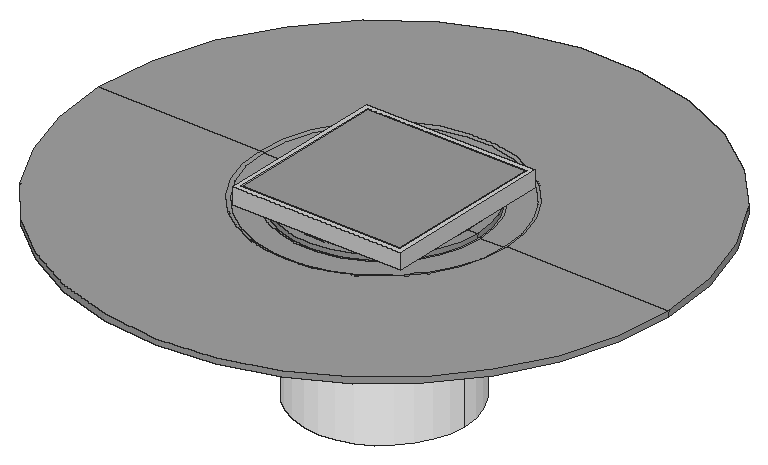
Revit family "HL_RU_Floor drain_HL72.1HN-A-160411", category Instalační zařizovací předměty, Revit 2021
Family settings
  Kóta kulaté spojky = Použít průměr
  Typ dílu = Normální
  Číslo OmniClass = 23.70.50.21.24.14
  Nadpis OmniClass = Deck Waste Water Drains
  Založené na pracovní rovině = Ne
  Vždy vertikální = Ano
  Ořezat dutým tvarem při načtení = Ne
  Sdílené = Ano
  Bod výpočtu místnosti = Ano
Parameters (values of type "HL72.1HN")
  РЕШЁТКА = "138x138mm / V2A"
  РАЗМЕР = "DN75/110"
  ПРОПУСКНАЯ СПОСОБНОСТЬ = 1.5 L/s
  ПРОИЗВОДИТЕЛЬНОСТЬ = "1,5 l/s"
  ПРИЁМНОЕ ОТВЕРСТИЕ = ""
  ПРАВОВАЯ ИНФОРМАЦИЯ = "Авторские права(©), права на дизайн или какие либо другие права интелектуальной собственности являются исключительной собственностью компании HL Hutterer & Lechner. Изменению не подлежит. Файл семейства с данными о прозводителе изделия защищен паролем с водяным знаком."  # constant formula
  НОРМЫ = ""
  НОМИНАЛЬНЫЙ ДИАМЕТР = 110 mm
  НАСАДКА = "20-70mm / 147x147mm / PP"
  МАТЕРИАЛ = "PP"
  МАКСИМАЛЬНАЯ НАГРУЗКА КЛАССА = "K3 - 300 kg"
  ВЫСОТА МОНТАЖА = "170mm"
  ВЕС = "2,20 [kg]"
  Výchozí výška = 0 mm
  Přípoj ventilace = no
  Výrobce = "HL Hutterer & Lechner GmbH"  # constant formula
  URL = "http://www.hutterer-lechner.com/ru/products/catalog/floor-drains/attachments/HL72.1hn.aspx"
  Přípoj odpadních dílů = yes
  Přípoj HW = no
  Popis = "Трапы для внутренних помещений"
  Model = "HL72.1HN"
  Komentáře k typům = "HL72.1HN Трап для внутренних помещений DN75/110 горизонтальный с битумным полотном, 147х147мм/138х138"
  Keynote = "HL72.1HN"
  Высота монтажа [instance] = 170 mm
  EAN = "9003076072118"
  E = НОМИНАЛЬНЫЙ ДИАМЕТР = 110 mm  # yes
  DN_test [instance] = if(or(НОМИНАЛЬНЫЙ ДИАМЕТР = 75 mm, НОМИНАЛЬНЫЙ ДИАМЕТР = 110 mm), 30 mm, 0 mm)  # 30 mm
  Přípoj CW = no
  C [instance] = if(НОМИНАЛЬНЫЙ ДИАМЕТР = 110 mm, 187 mm, 153.7 mm)  # 187 mm
  B [instance] = if(НОМИНАЛЬНЫЙ ДИАМЕТР = 110 mm, Высота монтажа - 66.1 mm, Высота монтажа - 72.1 mm)  # 103.9 mm
  A [instance] = if(B - 100 mm > 15 mm, B - 100 mm, 15 mm)  # 15 mm
Reference planes
  plane 1 "Center (Front/Back)": y = 0
  plane 2: z = 0
  plane 3 "Center (Left/Right)": x = 0
  plane 4 "Ball Joint Vertical": x = 25.45
  plane 5: z = -170
  plane 6: z = -103.9
Lines and regions (mm)
  model lines, style "InvisibleLines"
    curve 1: line (0, 0, 0) -> (0, 0, 1000)
  reference lines
    curve 2: line (0, 0, -103.9) -> (-187, 0, -103.9)
  model lines, detail levels coarse+medium
    curve 3: line (0, 0, -103.9) -> (0, 0, -88.9)
    curve 4: line (0, 0, -88.9) -> (88.9, 0, 0)
    curve 5: line (0, 0, -88.9) -> (-88.9, 0, 0)
    curve 22: line (0, 0, -103.9) -> (-187, 0, -103.9)
  symbolic lines, detail levels coarse+medium
    curve 6: line (-75, 75, 0) -> (75, 75, 0)
    curve 7: line (-75, -75, 0) -> (-75, 75, 0)
    curve 8: line (75, -75, 0) -> (-75, -75, 0)
    curve 9: line (75, 75, 0) -> (75, -75, 0)
    curve 10: line (75, 75, 0) -> (145.711, 145.711, 0)
    curve 11: line (75, -75, 0) -> (145.711, -145.711, 0)
    curve 12: line (-75, 75, 0) -> (-145.711, 145.711, 0)
    curve 13: line (-75, -75, 0) -> (-145.711, -145.711, 0)
  symbolic lines, not visible, detail levels coarse+medium
    curve 14: line (-75, 75, 0) -> (75, 75, 0)
    curve 15: line (-75, -75, 0) -> (-75, 75, 0)
    curve 16: line (75, -75, 0) -> (-75, -75, 0)
    curve 17: line (75, 75, 0) -> (75, -75, 0)
    curve 18: line (75, 75, 0) -> (145.711, 145.711, 0)
    curve 19: line (75, -75, 0) -> (145.711, -145.711, 0)
    curve 20: line (-75, 75, 0) -> (-145.711, 145.711, 0)
    curve 21: line (-75, -75, 0) -> (-145.711, -145.711, 0)
  symbolic lines
    curve 23: line (0, 0, 0) -> (0, 0, -30)
Text (mm)
  text "ПОЛ" at (-198.233, 0, -26.556), in view "Drain Construction View"
Dimensions and locks
  locked: plane 4 "Ball Joint Vertical" to plane 3 "Center (Left/Right)" at 25.45
  "Высота монтажа": plane 2 to plane 5
  "A": curve 5 to plane 6
  "B": curve 5 to plane 6
  "B": curve 4 to plane 6
  "B": plane 2 to plane 6
  "DN_test": curve 23 to curve 23
  "C": plane 3 "Center (Left/Right)" to curve 22
  "C": plane 3 "Center (Left/Right)" to curve 2
  locked: nested 4 to plane 5 at 149.004
  locked: plane 6 to nested 5 at 31.75
  locked: curve 4 to plane 3 "Center (Left/Right)" (angle 45.00°)
  locked: plane 3 "Center (Left/Right)" to curve 5 (angle 45.00°)
  aligned and locked: level to plane 2
  aligned and locked: plane 2 to curve 1
  aligned and locked: plane 3 "Center (Left/Right)" to curve 1
  aligned and locked: plane 3 "Center (Left/Right)" to curve 2
  aligned and locked: plane 3 "Center (Left/Right)" to curve 3
  aligned and locked: curve 3 to curve 2
  aligned and locked: plane 3 "Center (Left/Right)" to curve 5
  aligned and locked: nested 4 to nested 3
Automatic sketch dimensions
  level to curve 1 = 1000 mm
  curve 2 to plane 6 = 0 mm
Nested families
  nested 1: "HL_Решётка_HL0317.1E" at (0, 0, 0), type "HL0317.1E_Main Component"
  nested 2: "HL_Насадка_HL0317.2E" at (0, 0, 0), type "HL0317.2E_Main Component"
    with Высота монтажа 20 mm, ВМ_Тест yes, ВМ 40 mm
  nested 3: "HL_Песколовка_HL0317.5E" at (0, 0, -20.45), type "HL0317.5E_Main Component"
  nested 4: "HL_Корпус для трапа внутренних помещений_HL72.1KH" at (0, 0, -14.2), type "HL72.1KH_Main Component"
  nested 5: "HL_Уменьшение_HL0317.4E" at (-113, 0, -158.95) x (-1, 0, 0) z (0, 0, -1), visible <- "E", type "HL0317.4E_Main Component"
Connectors
  piping at (-187, 0, -103.9), diameter 110, driven by "ПРОПУСКНАЯ СПОСОБНОСТЬ", driven by "НОМИНАЛЬНЫЙ ДИАМЕТР"
    settings: on curve 2, index 1, connector inside diameter 609.6 mm, connector length 0 mm, flow factor 0, pipe flow 1.5 L/s, pressure drop 0.0 Pa, fitting loss kfactor 0, connector angle 0.00°, fixture units 0, engagement length 0 mm, angle of deflection 0.00°, flow configuration 1, flow direction 2, fitting loss method 0, system type 16, joint type 0, gender type 0, connector reference index -1, connector utility 0, adjustable connector yes, is connector primary yes, connector description ""
Definition of nested family "HL_Решётка_HL0317.1E"
  Parameters
    РАЗМЕР = "138x138 mm"
    ПРАВОВАЯ ИНФОРМАЦИЯ = "Авторские права(©), права на дизайн или какие либо другие права интелектуальной собственности являются исключительной собственностью компании HL Hutterer & Lechner. Изменению не подлежит. Файл семейства с данными о прозводителе изделия защищен паролем с водяным знаком."  # constant formula
    МАТЕРИАЛ = "V2A"
    МАКСИМАЛЬНАЯ НАГРУЗКА КЛАССА = "K3 - 300 kg"
    ВЕС = "0,20 [kg]"
    Waste Connection = yes
    Default Elevation = 0 mm
    Vent Connection = no
    Manufacturer = "HL Hutterer & Lechner GmbH"  # constant formula
    URL = "http://www.hutterer-lechner.com/ru/Products/catalog/floor-drains/attachments/HL0317.1E.aspx"
    HW Connection = no
    Description = "Трапы для внутренних помещений - Комплектующие"
    Model = "HL0317.1E"
    Type Comments = "HL0317.1E Решетка для сливных отверстий из высококачественной стали 138х138мм"
    Keynote = "HL0317.1E"
    EAN = "9003076317011"
    CW Connection = no
  Reference planes
    plane 1 "Center (Front/Back)": y = 0
    plane 2: z = 0
    plane 3 "Center (Left/Right)": x = 0
    plane 4 "Ball Joint Vertical": x = 25.45
  Forms (mm)
    Extrusion 1, solid, detail levels fine
      sketch origin (0, 0, 0) x (1, 0, 0) y (0, 1, 0)
        loop
          line (-69, 69) -> (-69, -69) -> (69, -69) -> (69, 69) -> (-69, 69)
      from 0 to -5
  Lines and regions (mm)
    model lines, detail levels fine
      curve 1: line (40.5, 59.75, 0) -> (-40.5, 59.75, 0)
      curve 2: line (-40.5, 52.25, 0) -> (40.5, 52.25, 0)
      curve 3: line (24.5, 43.75, 0) -> (-24.5, 43.75, 0)
      curve 4: line (-24.5, 36.25, 0) -> (24.5, 36.25, 0)
      curve 5: line (8.5, 27.75, 0) -> (-8.5, 27.75, 0)
      curve 6: line (-8.5, 20.25, 0) -> (8.5, 20.25, 0)
      curve 7: arc (-8.5, 27.75, 0) -> (-12.25, 24, 0) -> (-8.5, 20.25, 0) r 3.75
      curve 8: arc (8.5, 20.25, 0) -> (12.25, 24, 0) -> (8.5, 27.75, 0) r 3.75
      curve 9: arc (24.5, 36.25, 0) -> (28.25, 40, 0) -> (24.5, 43.75, 0) r 3.75
      curve 10: arc (40.5, 52.25, 0) -> (44.25, 56, 0) -> (40.5, 59.75, 0) r 3.75
      curve 11: arc (-40.5, 59.75, 0) -> (-44.25, 56, 0) -> (-40.5, 52.25, 0) r 3.75
      curve 12: arc (-24.5, 43.75, 0) -> (-28.25, 40, 0) -> (-24.5, 36.25, 0) r 3.75
      curve 13: line (-59.75, 40.5, 0) -> (-59.75, -40.5, 0)
      curve 14: line (-52.25, -40.5, 0) -> (-52.25, 40.5, 0)
      curve 15: line (-43.75, 24.5, 0) -> (-43.75, -24.5, 0)
      curve 16: line (-36.25, -24.5, 0) -> (-36.25, 24.5, 0)
      curve 17: line (-27.75, 8.5, 0) -> (-27.75, -8.5, 0)
      curve 18: line (-20.25, -8.5, 0) -> (-20.25, 8.5, 0)
      curve 19: arc (-20.25, 8.5, 0) -> (-24, 12.25, 0) -> (-27.75, 8.5, 0) r 3.75
      curve 20: arc (-27.75, -8.5, 0) -> (-24, -12.25, 0) -> (-20.25, -8.5, 0) r 3.75
      curve 21: arc (-43.75, -24.5, 0) -> (-40, -28.25, 0) -> (-36.25, -24.5, 0) r 3.75
      curve 22: arc (-36.25, 24.5, 0) -> (-40, 28.25, 0) -> (-43.75, 24.5, 0) r 3.75
      curve 23: arc (-52.25, 40.5, 0) -> (-56, 44.25, 0) -> (-59.75, 40.5, 0) r 3.75
      curve 24: arc (-59.75, -40.5, 0) -> (-56, -44.25, 0) -> (-52.25, -40.5, 0) r 3.75
      curve 25: line (8.5, -20.25, 0) -> (-8.5, -20.25, 0)
      curve 26: line (-8.5, -27.75, 0) -> (8.5, -27.75, 0)
      curve 27: line (24.5, -36.25, 0) -> (-24.5, -36.25, 0)
      curve 28: line (-24.5, -43.75, 0) -> (24.5, -43.75, 0)
      curve 29: line (40.5, -52.25, 0) -> (-40.5, -52.25, 0)
      curve 30: line (-40.5, -59.75, 0) -> (40.5, -59.75, 0)
      curve 31: arc (-40.5, -52.25, 0) -> (-44.25, -56, 0) -> (-40.5, -59.75, 0) r 3.75
      curve 32: arc (40.5, -59.75, 0) -> (44.25, -56, 0) -> (40.5, -52.25, 0) r 3.75
      curve 33: arc (24.5, -43.75, 0) -> (28.25, -40, 0) -> (24.5, -36.25, 0) r 3.75
      curve 34: arc (-24.5, -36.25, 0) -> (-28.25, -40, 0) -> (-24.5, -43.75, 0) r 3.75
      curve 35: arc (-8.5, -20.25, 0) -> (-12.25, -24, 0) -> (-8.5, -27.75, 0) r 3.75
      curve 36: arc (8.5, -27.75, 0) -> (12.25, -24, 0) -> (8.5, -20.25, 0) r 3.75
      curve 37: line (20.25, 8.5, 0) -> (20.25, -8.5, 0)
      curve 38: line (27.75, -8.5, 0) -> (27.75, 8.5, 0)
      curve 39: line (36.25, 24.5, 0) -> (36.25, -24.5, 0)
      curve 40: line (43.75, -24.5, 0) -> (43.75, 24.5, 0)
      curve 41: line (52.25, 40.5, 0) -> (52.25, -40.5, 0)
      curve 42: line (59.75, -40.5, 0) -> (59.75, 40.5, 0)
      curve 43: arc (52.25, -40.5, 0) -> (56, -44.25, 0) -> (59.75, -40.5, 0) r 3.75
      curve 44: arc (36.25, -24.5, 0) -> (40, -28.25, 0) -> (43.75, -24.5, 0) r 3.75
      curve 45: arc (20.25, -8.5, 0) -> (24, -12.25, 0) -> (27.75, -8.5, 0) r 3.75
      curve 46: arc (27.75, 8.5, 0) -> (24, 12.25, 0) -> (20.25, 8.5, 0) r 3.75
      curve 47: arc (43.75, 24.5, 0) -> (40, 28.25, 0) -> (36.25, 24.5, 0) r 3.75
      curve 48: arc (59.75, 40.5, 0) -> (56, 44.25, 0) -> (52.25, 40.5, 0) r 3.75
      curve 49: line (-6.994, -2.339, 0) -> (-2.397, -6.935, 0)
      curve 50: line (-4.077, -3.134, 0) -> (-5.933, -1.278, 0)
      curve 51: line (-1.337, -5.874, 0) -> (-3.193, -4.018, 0)
      curve 52: line (-3.193, -4.018, 0) -> (-0.718, -1.543, 0)
      curve 53: line (-1.602, -0.659, 0) -> (-4.077, -3.134, 0)
      curve 54: line (-0.718, -1.543, 0) -> (1.138, -3.399, 0)
      curve 55: line (-3.458, 1.197, 0) -> (-1.602, -0.659, 0)
      curve 56: line (-1.337, 3.318, 0) -> (2.906, -0.925, 0)
      curve 57: line (3.967, 0.136, 0) -> (-0.276, 4.379, 0)
      curve 58: line (6.353, 2.523, 0) -> (3.967, 0.136, 0)
      curve 59: line (4.674, -0.925, 0) -> (7.237, 1.639, 0)
      curve 60: arc (-6.994, -2.339, 0) -> (-6.994, -1.278, 0) -> (-5.933, -1.278, 0) r 0.75
      curve 61: arc (-3.458, 1.197, 0) -> (-3.458, 2.257, 0) -> (-2.397, 2.257, 0) r 0.75
      curve 62: arc (-1.337, 3.318, 0) -> (-1.337, 4.379, 0) -> (-0.276, 4.379, 0) r 0.75
      curve 63: arc (6.353, 2.523, 0) -> (7.237, 2.523, 0) -> (7.237, 1.639, 0) r 0.625
      curve 64: arc (2.906, -0.925, 0) -> (3.79, -1.291, 0) -> (4.674, -0.925, 0) r 1.25
      curve 65: arc (-2.397, -6.935, 0) -> (-1.337, -6.935, 0) -> (-1.337, -5.874, 0) r 0.75
      curve 66: arc (1.138, -3.399, 0) -> (2.183, -3.416, 0) -> (2.232, -2.372, 0) r 0.751
      curve 67: line (2.232, -2.372, 0) -> (-2.397, 2.257, 0)
    model lines
      curve 68: line (0, 0, 0) -> (0, 0, 100)
  Text (mm)
    text "ROOF/FLOOR" at (-198.233, 0, -26.556), in view "Drain Construction View"
  Dimensions and locks
    locked: plane 4 "Ball Joint Vertical" to plane 3 "Center (Left/Right)" at 25.45
    aligned and locked: level to plane 2
Definition of nested family "HL_Насадка_HL0317.2E"
  Parameters
    РАЗМЕР = "d 145 mm"
    ПРАВОВАЯ ИНФОРМАЦИЯ = "Авторские права(©), права на дизайн или какие либо другие права интелектуальной собственности являются исключительной собственностью компании HL Hutterer & Lechner. Изменению не подлежит. Файл семейства с данными о прозводителе изделия защищен паролем с водяным знаком."  # constant formula
    НАСАДКА = "147x147mm"
    МАТЕРИАЛ = "PP-V2A"
    Высота монтажа [instance] = 70 mm
    ВЫСОТА МОНТАЖА = "20-70mm"
    ВМ_Тест [instance] = and(or(Высота монтажа < ВМ_Max, Высота монтажа > ВМ_Min, Высота монтажа = ВМ_Min))  # yes
    ВМ_Min = 20 mm
    ВМ_Max = 70 mm
    ВМ [instance] = if(ВМ_Тест, Высота монтажа + 20 mm, 0 mm)  # 90 mm
    ВЕС = "0,13 [kg]"
    Waste Connection = yes
    Default Elevation = 0 mm
    Vent Connection = no
    Manufacturer = "HL Hutterer & Lechner GmbH"  # constant formula
    URL = "http://www.hutterer-lechner.com/ru/Products/catalog/floor-drains/attachments/HL0317.2E.aspx"
    HW Connection = no
    Description = "Трапы для внутренних помещений - Комплектующие"
    Model = "HL0317.2E"
    Type Comments = "HL0317.2E Насадные подрамники d 145мм/90мм/147х147мм"
    Keynote = "HL0317.2E"
    EAN = "9003076317028"
    CW Connection = no
  Reference planes
    plane 1 "Center (Front/Back)": y = 0
    plane 2: z = 0
    plane 3 "Center (Left/Right)": x = 0
    plane 4 "Ball Joint Vertical": x = 25.45
    plane 5: z = -90
  Forms (mm)
    Extrusion 1, solid, detail levels fine
      sketch origin (0, 0, 0) x (1, 0, 0) y (0, 1, 0)
        loop
          line (69.5, 69.5) -> (-69.5, 69.5) -> (-69.5, -69.5) -> (69.5, -69.5) -> (69.5, 69.5)
        loop
          line (73.5, 73.5) -> (-73.5, 73.5) -> (-73.5, -73.5) -> (73.5, -73.5) -> (73.5, 73.5)
      from 0 to -14
    Extrusion 2, solid, detail levels fine
      sketch origin (0, 0, 0) x (1, 0, 0) y (0, 1, 0)
        loop
          line (-21.332, 69.5) -> (-69.5, 69.5) -> (-69.5, 21.332)
          arc (-69.5, 21.332) -> (-51.407, 51.407) -> (-21.332, 69.5) r 72.7
        loop
          line (69.5, 21.332) -> (69.5, 69.5) -> (21.332, 69.5)
          arc (21.332, 69.5) -> (51.407, 51.407) -> (69.5, 21.332) r 72.7
        loop
          line (21.332, -69.5) -> (69.5, -69.5) -> (69.5, -21.332)
          arc (69.5, -21.332) -> (51.407, -51.407) -> (21.332, -69.5) r 72.7
        loop
          line (-69.5, -21.332) -> (-69.5, -69.5) -> (-21.332, -69.5)
          arc (-21.332, -69.5) -> (-51.407, -51.407) -> (-69.5, -21.332) r 72.7
      from -5 to -14
    Revolve 3, solid, detail levels fine
      sketch origin (0, 0, 0) x (0, 1, 0) y (0, 0, 1)
        loop
          line (72.5, -14) -> (69.3, -14) -> (69.3, -90) -> (72.5, -90) -> (72.5, -14)
        axis (0, -14) -> (0, -90)
      angle from 0 to 360
  Cuts and joins
    joined: Extrusion 1, Extrusion 2, Revolve 3
  Lines and regions (mm)
    symbolic lines, not visible
      curve 1: line (0, 0, -90) -> (0, 0, 0)
    model lines
      curve 2: line (0, 0, 0) -> (0, 0, 100)
  Text (mm)
    text "ROOF/FLOOR" at (-198.233, 0, -26.556), in view "Drain Construction View"
  Dimensions and locks
    locked: plane 4 "Ball Joint Vertical" to plane 3 "Center (Left/Right)" at 25.45
    "ВМ": plane 2 to plane 5
    aligned and locked: level to plane 2
    aligned and locked: plane 5 to cut or joined group of Extrusion 1, Extrusion 2, Revolve 3
    aligned and locked: plane 2 to curve 1
    aligned and locked: plane 5 to curve 1
    aligned and locked: plane 3 "Center (Left/Right)" to curve 1
  Automatic sketch dimensions
    Extrusion 1 sketch curve to plane 3 "Center (Left/Right)" = 73.5 mm
    Extrusion 1 sketch curve to Extrusion 1 sketch curve = 4 mm  (x4)
    plane 4 "Ball Joint Vertical" to Extrusion 1 sketch curve = 44.05 mm
    plane 1 "Center (Front/Back)" to Extrusion 1 sketch curve = 73.5 mm
    Extrusion 1 sketch curve to plane 1 "Center (Front/Back)" = 69.5 mm
    Extrusion 2 sketch curve to Extrusion 2 sketch curve = 0 mm  (x13)
    plane 1 "Center (Front/Back)" to Extrusion 2 sketch curve = 0 mm
    Extrusion 2 sketch curve to plane 3 "Center (Left/Right)" = 0 mm
    Extrusion 2 sketch curve to plane 3 "Center (Left/Right)" = 21.332 mm  (x2)
    Extrusion 2 sketch curve to Extrusion 2 sketch curve = 48.168 mm  (x2)
    Extrusion 2 sketch curve to plane 4 "Ball Joint Vertical" = 4.118 mm  (x2)
    plane 4 "Ball Joint Vertical" to Extrusion 2 sketch curve = 44.05 mm  (x2)
    plane 1 "Center (Front/Back)" to Extrusion 2 sketch curve = 21.332 mm  (x2)
    Extrusion 2 sketch curve to plane 1 "Center (Front/Back)" = 21.332 mm
    Extrusion 2 sketch curve to plane 1 "Center (Front/Back)" = 69.5 mm
    Revolve 3 sketch curve to plane 1 "Center (Front/Back)" = 0 mm
    Revolve 3 sketch curve to plane 5 = 0 mm
    Revolve 3 sketch curve to level = 14 mm
    Revolve 3 sketch curve to plane 1 "Center (Front/Back)" = 69.3 mm
    Revolve 3 sketch curve to Revolve 3 sketch curve = 3.2 mm
    Revolve 3 sketch curve to plane 5 = 430.992 mm
    level to Revolve 3 sketch curve = 2741.474 mm
    curve 2 to curve 2 = 100 mm
Definition of nested family "HL_Песколовка_HL0317.5E"
  Parameters (values of type "HL0317.5E")
    ПРАВОВАЯ ИНФОРМАЦИЯ = "Авторские права(©), права на дизайн или какие либо другие права интелектуальной собственности являются исключительной собственностью компании HL Hutterer & Lechner. Изменению не подлежит. Файл семейства с данными о прозводителе изделия защищен паролем с водяным знаком."  # constant formula
    МАТЕРИАЛ = "PP"
    ВЕС = "0,03[kg]"
    Waste Connection = yes
    Default Elevation = 0 mm
    Vent Connection = no
    Manufacturer = "HL Hutterer & Lechner GmbH"  # constant formula
    URL = "http://www.hutterer-lechner.com/ru/Products/catalog/floor-drains/attachments/HL0317.5E.aspx"
    HW Connection = no
    Description = "Трапы для внутренних помещений - Комплектующие"
    Model = "HL0317.5E"
    Type Comments = "HL0317.5E Песколовка"
    Keynote = "HL0317.5E"
    EAN = "9003076317059"
    CW Connection = no
  Reference planes
    plane 1 "Center (Front/Back)": y = 0
    plane 2: z = 0
    plane 3 "Center (Left/Right)": x = 0
    plane 4 "Ball Joint Vertical": x = 25.45
  Forms (mm)
    Revolve 1, solid, detail levels fine
      sketch origin (0, 0, 0) x (0, 1, 0) y (0, 0, 1)
        loop
          line (69, -29) -> (69, 0) -> (67.3, 0) -> (67.3, -27.3) -> (22, -27.3) -> (22, -8) -> (19, -8) -> (19, -29) -> (69, -29)
        axis (0, 0) -> (0, -29)
      angle from 0 to 360
  Lines and regions (mm)
    model lines, detail levels fine
      curve 1: circle (-44.62, 0, -27.3) r 5 normal (0, 0, 1)
      curve 2: circle (0, 44.62, -27.3) r 5 normal (0, 0, 1)
      curve 3: circle (44.62, 0, -27.3) r 5 normal (0, 0, 1)
      curve 4: circle (0, -44.62, -27.3) r 5 normal (0, 0, -1)
      curve 5: circle (-38.642, 22.31, -27.3) r 5 normal (0, 0, 1)
      curve 6: circle (22.31, 38.642, -27.3) r 5 normal (0, 0, 1)
      curve 7: circle (38.642, -22.31, -27.3) r 5 normal (0, 0, 1)
      curve 8: circle (-22.31, -38.642, -27.3) r 5 normal (0, 0, -1)
      curve 9: circle (-22.31, 38.642, -27.3) r 5 normal (0, 0, 1)
      curve 10: circle (38.642, 22.31, -27.3) r 5 normal (0, 0, 1)
      curve 11: circle (22.31, -38.642, -27.3) r 5 normal (0, 0, 1)
      curve 12: circle (-38.642, -22.31, -27.3) r 5 normal (0, 0, -1)
  Text (mm)
    text "ROOF/FLOOR" at (-198.233, 0, -26.556), in view "Drain Construction View"
  Dimensions and locks
    locked: plane 4 "Ball Joint Vertical" to plane 3 "Center (Left/Right)" at 25.45
    aligned and locked: level to plane 2
Definition of nested family "HL_Корпус для трапа внутренних помещений_HL72.1KH"
  Parameters (values of type "HL72.1KH")
    РАЗМЕР = "DN75/110"
    ПРОИЗВОДИТЕЛЬНОСТЬ = "1,5 l/s"
    ПРАВОВАЯ ИНФОРМАЦИЯ = "Авторские права(©), права на дизайн или какие либо другие права интелектуальной собственности являются исключительной собственностью компании HL Hutterer & Lechner. Изменению не подлежит. Файл семейства с данными о прозводителе изделия защищен паролем с водяным знаком."  # constant formula
    МАТЕРИАЛ = "PP"
    ВЫСОТА МОНТАЖА = "150mm"
    ВЕС = "1,57 [kg]"
    Waste Connection = yes
    Default Elevation = 0 mm
    Vent Connection = no
    Manufacturer = "HL Hutterer & Lechner GmbH"  # constant formula
    URL = "http://www.hutterer-lechner.com/ru/Products/catalog/floor-drains/attachments/HL72.1KH.aspx"
    HW Connection = no
    Description = "Трапы для внутренних помещений - Комплектующие"
    Model = "HL72.1KH"
    Type Comments = "HL72.1KH"
    Keynote = "HL72.1KH"
    EAN = "9003076008995"
    CW Connection = no
  Reference planes
    plane 1 "Center (Front/Back)": y = 0
    plane 2: z = 0
    plane 3 "Center (Left/Right)": x = 0
    plane 4 "Ball Joint Vertical": x = 25.45
  Forms (mm)
    Revolve 1, solid, detail levels fine
      sketch origin (0, 0, 0) x (1, 0, 0) y (0, 0, 1)
        loop
          line (0, -155.8) -> (71, -155.8) -> (71, -40.3) -> (83.205, -40.3) -> (89.5, -26.8) -> (89.5, -17) -> (94.734, -17) -> (95.169, -8.715) -> (79.5, -8.715) -> (79.5, -35.25) -> (68, -35.25) -> (68, -37.01) -> (60.505, -37.01) -> (60.505, -46.51) -> (68, -46.51) -> (68, -152.8) -> (0, -152.8) -> (0, -155.8)
        axis (0, -8.715) -> (0, -155.8)
      angle from 0 to 360
    Revolve 2, solid, detail levels fine
      sketch origin (0, 0, 0) x (1, 0, 0) y (0, 0, 1)
        loop
          line (95.169, -8.715) -> (109.454, -7.465) -> (147.749, -6.796) -> (250, -6.796) -> (250, -1.759) -> (108.368, -1.759)
          arc (108.368, -1.759) -> (107.012, -2.429) -> (105.528, -2.714) r 5.645
          line (105.528, -2.714) -> (85.378, -3.066)
          arc (85.378, -3.066) -> (83.904, -3.254) -> (82.5, -3.74) r 7.21
          line (82.5, -3.74) -> (82.5, -8.715) -> (95.169, -8.715)
        axis (0, -1.759) -> (0, -8.715)
      angle from 0 to 360
    Revolve 3, solid, detail levels fine
      sketch origin (0, 0, 0) x (1, 0, 0) y (0, 0, 1)
        loop
          line (82.5, 0) -> (74.9, 0)
          arc (74.9, 0) -> (72.291, -1.519) -> (72.325, -4.538) r 3
          line (72.325, -4.538) -> (72.999, -6.497) -> (72.999, -35.25) -> (79.5, -35.25) -> (79.5, -8.715) -> (82.5, -8.715) -> (82.5, 0)
        axis (0, 0) -> (0, -35.25)
      angle from 0 to 360
    Revolve 4, solid, detail levels fine
      sketch origin (0, 0, 0) x (1, 0, 0) y (0, 0, 1)
        loop
          line (-153.7, -46.25) -> (-153.7, -49.25) -> (-42.114, -49.25) -> (-42.114, -46.25) -> (-153.7, -46.25)
        axis (-153.7, -83.75) -> (-42.114, -83.75)
      angle from 0 to 360
    Extrusion 5, solid, detail levels fine
      sketch origin (0, 0, 0) x (1, 0, 0) y (0, 1, 0)
        loop
          circle (0, 0) r 60.505
      from -46.51 to -45.51
    Extrusion 6, void
      sketch origin (0, 0, 0) x (1, 0, 0) y (0, 1, 0)
        loop
          line (35.837, 48.75) -> (-19.675, 48.75) -> (-19.675, -48.75) -> (35.837, -48.75)
          arc (35.837, -48.75) -> (40.91, -44.579) -> (45.5, -39.883) r 60.505
          line (45.5, -39.883) -> (45.5, 39.883)
          arc (45.5, 39.883) -> (40.91, 44.579) -> (35.837, 48.75) r 60.505
      from -63.873 to -26.8
    Extrusion 7, solid, detail levels fine
      sketch origin (0, 0, 0) x (1, 0, 0) y (0, 1, 0)
        loop
          arc (35.837, 48.75) -> (34.778, 49.512) -> (33.702, 50.25) r 60.505
          line (33.702, 50.25) -> (-4.07, 50.25) -> (-4.07, 48.75) -> (35.837, 48.75)
        loop
          line (-4.07, -48.75) -> (-4.07, -50.25) -> (33.702, -50.25)
          arc (33.702, -50.25) -> (34.778, -49.512) -> (35.837, -48.75) r 60.505
          line (35.837, -48.75) -> (-4.07, -48.75)
        loop
          line (45.5, 39.883) -> (45.5, -39.883)
          arc (45.5, -39.883) -> (46.259, -39) -> (47, -38.103) r 60.505
          line (47, -38.103) -> (47, 38.103)
          arc (47, 38.103) -> (46.259, 39) -> (45.5, 39.883) r 60.505
      from -134.01 to -46.51
    Extrusion 8, solid, detail levels fine
      sketch origin (0, 0, 0) x (1, 0, 0) y (0, 0, 1)
        loop
          line (-21, -46.51) -> (-5.571, -134.01) -> (-4.07, -134.01) -> (-19.499, -46.51) -> (-21, -46.51)
      from 50.25 to -50.25
    Extrusion 9, solid, detail levels fine
      sketch origin (0, 0, 0) x (1, 0, 0) y (0, 0, 1)
        loop
          line (-4.07, -134.01) -> (-4.07, -46.51) -> (-19.499, -46.51) -> (-4.07, -134.01)
      from -48.75 to -50.25
    Extrusion 10, solid, detail levels fine
      sketch origin (0, 0, 0) x (1, 0, 0) y (0, 0, 1)
        loop
          line (-4.07, -46.51) -> (-19.499, -46.51) -> (-4.07, -134.01) -> (-4.07, -46.51)
      from 48.75 to 50.25
    Extrusion 11, void
      sketch origin (0, 0, 0) x (0, 1, 0) y (0, 0, 1)
        loop
          circle (0, -83.75) r 34.5
      from -42.114 to -128.469
    Revolve 12, void
      sketch origin (0, 0, 0) x (1, 0, 0) y (0, 0, 1)
        loop
          line (0, -129.446) -> (68, -129.446) -> (68, 17.174) -> (0, 17.174) -> (0, -129.446)
        axis (0, 17.174) -> (0, -129.446)
      angle from 0 to 360
    Extrusion 13, solid, detail levels fine
      sketch origin (0, 0, 0) x (1, 0, 0) y (0, 1, 0)
        loop
          arc (-30.916, 60.566) -> (-32.179, 59.904) -> (-33.429, 59.216) r 68
          arc (-33.429, 59.216) -> (-42.009, 0) -> (-33.429, -59.216) r 208.633
          arc (-33.429, -59.216) -> (-32.184, -59.901) -> (-30.926, -60.56) r 68
          arc (-30.926, -60.56) -> (-39.972, 0.003) -> (-30.916, 60.566) r 207.146
      from -75.3 to -152.8
  Cuts and joins
    Extrusion 11 cuts Revolve 1
    Extrusion 6 cuts Extrusion 5
    joined: Revolve 1, Extrusion 5, Extrusion 7, Extrusion 8, Extrusion 9, Extrusion 10, Extrusion 13
    Revolve 12 cuts Revolve 4
  Lines and regions (mm)
    model lines, detail levels fine
      curve 1: line (-5.307, 98.186, -1.759) -> (-3.194, 98.186, -1.759)
      curve 2: line (-4.093, 97.29, -1.759) -> (-5.307, 97.29, -1.759)
      curve 3: line (-4.093, 97.29, -1.759) -> (-4.093, 93.786, -1.759)
      curve 4: line (-3.194, 98.186, -1.759) -> (-3.194, 93.786, -1.759)
      curve 5: line (-1.279, 97.732, -1.759) -> (-1.279, 96.767, -1.759)
      curve 6: line (-2.179, 97.732, -1.759) -> (-2.179, 93.786, -1.759)
      curve 7: arc (-2.179, 97.732, -1.759) -> (-1.729, 98.182, -1.759) -> (-1.279, 97.732, -1.759) r 0.45
      curve 8: arc (-2.179, 93.786, -1.759) -> (-1.729, 93.336, -1.759) -> (-1.279, 93.786, -1.759) r 0.45
      curve 9: arc (-0.662, 96.154, -1.759) -> (-1.096, 96.333, -1.759) -> (-1.275, 96.767, -1.759) r 0.613
      curve 10: line (-1.279, 93.786, -1.759) -> (-1.279, 94.751, -1.759)
      curve 11: arc (-0.662, 95.364, -1.759) -> (-1.096, 95.185, -1.759) -> (-1.275, 94.751, -1.759) r 0.613
      curve 12: line (1.033, 97.732, -1.759) -> (1.033, 96.767, -1.759)
      curve 13: line (1.933, 97.732, -1.759) -> (1.933, 93.786, -1.759)
      curve 14: arc (1.933, 97.732, -1.759) -> (1.483, 98.182, -1.759) -> (1.033, 97.732, -1.759) r 0.45
      curve 15: arc (1.933, 93.786, -1.759) -> (1.483, 93.336, -1.759) -> (1.033, 93.786, -1.759) r 0.45
      curve 16: arc (0.417, 96.154, -1.759) -> (0.85, 96.333, -1.759) -> (1.03, 96.767, -1.759) r 0.613
      curve 17: line (1.033, 93.786, -1.759) -> (1.033, 94.751, -1.759)
      curve 18: arc (0.417, 95.364, -1.759) -> (0.85, 95.185, -1.759) -> (1.03, 94.751, -1.759) r 0.613
      curve 19: line (-0.662, 96.154, -1.759) -> (0.417, 96.154, -1.759)
      curve 20: line (-0.662, 95.364, -1.759) -> (0.417, 95.364, -1.759)
      curve 21: arc (-5.307, 98.186, -1.759) -> (-5.755, 97.738, -1.759) -> (-5.307, 97.29, -1.759) r 0.448
      curve 22: arc (-3.194, 93.786, -1.759) -> (-3.644, 93.337, -1.759) -> (-4.093, 93.786, -1.759) r 0.45
  Text (mm)
    text "ROOF/FLOOR" at (-198.233, 0, -26.556), in view "Drain Construction View"
  Dimensions and locks
    locked: plane 4 "Ball Joint Vertical" to plane 3 "Center (Left/Right)" at 25.45
    aligned and locked: level to plane 2
Definition of nested family "HL_Уменьшение_HL0317.4E"
  Parameters (values of type "HL0317.4E")
    РАЗМЕР = "DN110xDN75"
    ПРАВОВАЯ ИНФОРМАЦИЯ = "Авторские права(©), права на дизайн или какие либо другие права интелектуальной собственности являются исключительной собственностью компании HL Hutterer & Lechner. Изменению не подлежит. Файл семейства с данными о прозводителе изделия защищен паролем с водяным знаком."  # constant formula
    МАТЕРИАЛ = "PP"
    ВЕС = "0,10 [kg]"
    Waste Connection = yes
    Default Elevation = 0 mm
    Vent Connection = no
    Manufacturer = "HL Hutterer & Lechner GmbH"  # constant formula
    URL = "http://www.hutterer-lechner.com/ru/Products/catalog/floor-drains/attachments/HL0317.4E.aspx"
    HW Connection = no
    Description = "Трапы для внутренних помещений - Комплектующие"
    Model = "HL0317.4E"
    Type Comments = "HL0317.4E Уменьшение DN110xDN75"
    Keynote = "HL0317.4E"
    EAN = "9003076317042"
    CW Connection = no
  Reference planes
    plane 1 "Center (Front/Back)": y = 0
    plane 2: z = 0
    plane 3 "Center (Left/Right)": x = 0
    plane 4 "Ball Joint Vertical": x = 25.45
  Forms (mm)
    Revolve 1, solid, detail levels fine
      sketch origin (0, 0, 0) x (1, 0, 0) y (0, 0, 1)
        loop
          line (74, -2.7) -> (74, 0) -> (0, 0) -> (0, -55) -> (3, -55) -> (3, -2.7) -> (74, -2.7)
        axis (74, -55) -> (0, -55)
      angle from 0 to 360
    Revolve 2, solid, detail levels fine
      sketch origin (0, 0, 0) x (1, 0, 0) y (0, 0, 1)
        loop
          line (-15, -21.165) -> (-15, -23.3) -> (39.9, -23.3) -> (39.9, -21.3) -> (0, -21.3) -> (0, -17) -> (-8.629, -17) -> (-11.112, -21.165) -> (-15, -21.165)
        axis (-15, -61) -> (39.9, -61)
      angle from 0 to 360
    Extrusion 3, void
      sketch origin (0, 0, 0) x (0, 1, 0) y (0, 0, 1)
        loop
          arc (-33.715, -46.537) -> (-35.917, -53.62) -> (-36.661, -61) r 36.983
          arc (-36.661, -61) -> (-12.182, -95.805) -> (28.85, -84.535) r 36.983
          arc (28.85, -84.535) -> (31.932, -80.198) -> (34.36, -75.463) r 36.983
          arc (34.36, -75.463) -> (36.561, -68.38) -> (37.305, -61) r 36.983
          arc (37.305, -61) -> (7.702, -24.761) -> (-33.715, -46.537) r 36.983
      from 55.439 to -38.757
  Cuts and joins
    Extrusion 3 cuts Revolve 1
  Text (mm)
    text "ROOF/FLOOR" at (-198.233, 0, -26.556), in view "Drain Construction View"
  Dimensions and locks
    locked: plane 4 "Ball Joint Vertical" to plane 3 "Center (Left/Right)" at 25.45
    aligned and locked: level to plane 2
